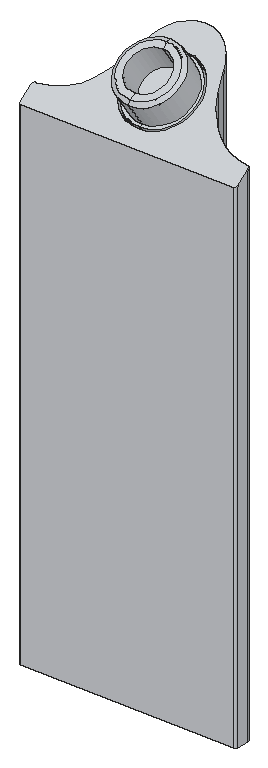
Revit family "Shower-Showerarm-KOHLER-Stance-K-99691", category Plumbing Fixtures, host Face, Revit 2015
Parameters (values of type "CP-Polished Chrome")
  Width = 3 1/16"  # constant formula
  Waste Water Outlet = "Waste Water Outlet"  # constant formula
  Waste Connection = 1 = 0  # no
  Vent Connection = 1 = 0  # no
  URL = "https://www.us.kohler.com/us/"
  Type = 1
  Product Page URL = "http://www.us.kohler.com/us/catalog/productDetails.jsp?productNumber=99691"
  Product Name = "Stance"  # constant formula
  Product Documentation Link = "http://www.us.kohler.com/onlinecatalog/pdf/K-99691_spec.pdf"
  Panel Thickness = 0"
  Model = if(Type = 1, "K-99691-CP", if(Type = 2, "K-99691-BN", "NA"))  # "K-99691-CP"
  Material = "Prmium Metal Constrction"  # constant formula
  MasterFormat 2004 = "22.41.23"  # constant formula
  MasterFormat 1995 = "15410"  # constant formula
  Manufacturer Address = "444 Highland Dr, Kohler, WI 53044"  # constant formula
  Manufacturer = "KOHLER Co."  # constant formula
  Length = 7 7/8"  # constant formula
  Tempered Water Inlet = "Tempered Water Inlet"  # constant formula
  Height = 1 3/8"  # constant formula
  HW Connection = 1 = 1  # yes
  Finish = Kohler-Metal-CP-Polished_Chrome
  Environmental Product Declaration = ""
  Drain Included = 1 = 0  # no
  Description = "Shower arm"  # constant formula
  Default Elevation = 0"  # constant formula
  Declare Label = ""
  Date Modified = "12/13/2018"  # constant formula
  Date Created = "12/13/2018"  # constant formula
  Copyright = "Copyright KOHLER Co."  # constant formula
  Contact Us = "https://www.us.kohler.com/us/static/contact.jsp"
  Cold Water Inlet = "Cold Water Inlet"  # constant formula
  CW Connection = 1 = 0  # no
  Assembly Code = "D2010700"
  ADA Compliant = 1 = 0  # no
Types (3): name | Type | Model | Finish
  (no name) | 1 | "K-99691-CP" | Kohler-Metal-CP-Polished_Chrome
  CP-Polished Chrome | 1 | "K-99691-CP" | Kohler-Metal-CP-Polished_Chrome
  BN-Vibrant Brushed Nicke | 2 | "K-99691-BN" | Kohler-Metal-BN-Vibrant_Brushed_Nickel
Reference planes (in)
  plane 1 "Center (Front/Back)": y = 0
  plane 2: z = 0
  plane 3 "Center (Left/Right)": x = 0
  plane 4: x = -1.53125
  plane 5: x = 1.53125
  plane 6: y = 0.6875
  plane 7: y = -0.6875
  plane 8: z = 7.875
Dimensions and locks (in)
  "Width": plane 4 to plane 5
  "Height": plane 6 to plane 7
  "Length": plane 8 to level
  aligned and locked: host face to plane 2
  aligned and locked: host face to level
Automatic sketch dimensions
  host sketch curve to host sketch curve = 96"  (x2)
Nested families (in)
  nested 1: "K-99691" at (0, 0, 0), type "K-99691"
Connectors (in)
  piping at (0, -0.3125, 0), diameter 0.5, driven by "HW Connection", driven by "HW Connection", driven by "Tempered Water Inlet"
    settings: on nested 1, index 1, connector inside diameter 24", connector length 0", flow factor 0, pipe flow 0 GPM, pressure drop 0.00 psi, fitting loss kfactor 0, connector angle 0.00°, fixture units 0, engagement length 0", angle of deflection 0.00°, flow configuration 1, flow direction 1, fitting loss method 4, system type 19, joint type 0, gender type 0, connector reference index -1, connector utility 1, adjustable connector yes, is connector primary yes, connector description "Tempered Water Inlet"
Definition of nested family "K-99691"
  Parameters (values of type "K-99691")
    Material = none
  Reference planes (in)
    plane 1 "Center (Front/Back)": y = 0
    plane 2: z = 0
    plane 3 "Center (Left/Right)": x = 0
    plane 4: y = 0.6875
    plane 5: y = -0.6875
    plane 6: y = -0.3125
    plane 7: z = 7.875
    plane 8: x = -1.53125
    plane 9: x = 1.53125
  Forms (in)
    Extrusion 1, solid, material <- "Material", detail levels medium+fine
      sketch origin (0, 0, 0) x (1, 0, 0) y (0, 1, 0)
        loop
          line (-1.5004, -0.6875) -> (1.5, -0.6875)
          arc (1.5, -0.6875) -> (1.5221, -0.67835) -> (1.53125, -0.65625) r 0.03125
          line (1.53125, -0.65625) -> (1.53125, -0.47451)
          arc (1.53125, -0.47451) -> (1.5208, -0.44791) -> (1.49504, -0.43555) r 0.03906
          arc (1.49504, -0.43555) -> (1.34263, -0.41588) -> (1.19333, -0.37951) r 1.39107
          arc (1.19333, -0.37951) -> (1.02058, -0.30512) -> (0.86878, -0.19406) r 0.83775
          arc (0.86878, -0.19406) -> (0.74668, -0.05878) -> (0.65152, 0.09664) r 0.98729
          arc (0.65152, 0.09664) -> (0.60016, 0.20725) -> (0.55378, 0.32003) r 2.7384
          arc (0.55378, 0.32003) -> (0.46116, 0.47751) -> (0.3228, 0.59681) r 0.56024
          arc (0.3228, 0.59681) -> (0.16765, 0.6644) -> (0, 0.6875) r 0.61982
          arc (0, 0.6875) -> (-0.16765, 0.6644) -> (-0.3228, 0.59681) r 0.61982
          arc (-0.3228, 0.59681) -> (-0.46116, 0.47751) -> (-0.55378, 0.32003) r 0.56024
          arc (-0.55378, 0.32003) -> (-0.60016, 0.20725) -> (-0.65152, 0.09664) r 2.7384
          arc (-0.65152, 0.09664) -> (-0.74668, -0.05878) -> (-0.86878, -0.19406) r 0.98729
          arc (-0.86878, -0.19406) -> (-1.02058, -0.30512) -> (-1.19333, -0.37951) r 0.83775
          arc (-1.19333, -0.37951) -> (-1.34309, -0.41596) -> (-1.49596, -0.43562) r 1.39107
          arc (-1.49596, -0.43562) -> (-1.52106, -0.44765) -> (-1.53125, -0.47356) r 0.03804
          line (-1.53125, -0.47356) -> (-1.53125, -0.65665)
          arc (-1.53125, -0.65665) -> (-1.52221, -0.67846) -> (-1.5004, -0.6875) r 0.03085
      from 0 to 8.34129
    Extrusion 2, void
      sketch origin (0, 0, 0) x (0, 1, 0) y (0, 0, 1)
        loop
          line (0.6875, 8.04425) -> (0.6875, 8.34129) -> (-0.6875, 8.34129) -> (-0.6875, 7.08146) -> (0.6875, 8.04425)
      from -1.85141 to 1.89368
    Revolve 3, solid, material <- "Material", detail levels medium+fine
      sketch origin (0, 0, 0) x (0, 1, 0) y (0, 0, 1)
        loop
          line (-0.3125, 7.875) -> (-0.01392, 7.44858) -> (0.39507, 7.73496) -> (0.34596, 7.8051) -> (0.30852, 7.77889) -> (0.08162, 8.10293) -> (0.01302, 8.10293) -> (-0.3125, 7.875)
        axis (-0.01392, 7.44858) -> (-0.3125, 7.875)
      angle from 0 to 360
    Revolve 4, void
      sketch origin (0, 0, 0) x (0, 1, 0) y (0, 0, 1)
        loop
          line (-0.3125, 7.875) -> (-0.06303, 7.51872) -> (0.18352, 7.69136) -> (-0.06595, 8.04764) -> (-0.3125, 7.875)
        axis (-0.06303, 7.51872) -> (-0.3125, 7.875)
      angle from 0 to 360
    Extrusion 5, solid, material <- "Material", detail levels coarse
      sketch origin (0, 0, 0) x (1, 0, 0) y (0, 1, 0)
        loop
          line (-0.86878, -0.19406) -> (-1.53125, -0.19406) -> (-1.53125, -0.6875) -> (1.53125, -0.6875) -> (1.53125, -0.19406) -> (0.86878, -0.19406) -> (0.35981, 0.6875) -> (-0.35981, 0.6875) -> (-0.86878, -0.19406)
      from 0 to 8.37479
    Extrusion 6, void
      sketch origin (0, 0, 0) x (0, 1, 0) y (0, 0, 1)
        loop
          line (0.6875, 8.04425) -> (0.6875, 8.37479) -> (-0.6875, 8.37479) -> (-0.6875, 7.08146) -> (0.6875, 8.04425)
      from -1.79904 to 1.83476
    Revolve 7, solid, material <- "Material", detail levels coarse
      sketch origin (0, 0, 0) x (0, 1, 0) y (0, 0, 1)
        loop
          line (-0.06303, 7.51872) -> (0.40591, 7.84708) -> (0.15644, 8.20336) -> (-0.3125, 7.875) -> (-0.06303, 7.51872)
        axis (-0.06303, 7.51872) -> (-0.3125, 7.875)
      angle from 0 to 360
    Extrusion 8, solid, material <- "Material", detail levels medium+fine
      sketch origin (0, 0, 0) x (1, 0, 0) y (0, 1, 0)
        loop
          circle (0, -0.3125) r 0.25
      from 0 to 0.32603
    Extrusion 9, void
      sketch origin (0, -3.55338, 5.07475) x (0, 0.819152, 0.573576) y (-1, 0, 0)
        loop
          circle (4.26093, 0) r 0.45358
        loop
          circle (4.26093, 0) r 0.52678
      from -0.08562 to 1.5653
  Cuts and joins
    Extrusion 2, Extrusion 9 cuts Extrusion 1
    Revolve 4 cuts Revolve 3
    joined: Extrusion 1, Revolve 3
    Extrusion 6 cuts Extrusion 5
    joined: Extrusion 5, Revolve 7
  Lines and regions (in)
    Masking region 1
      outline origin (0, 0, 0) x (1, 0, 0) y (0, 0, 1)
        loop
          arc (1.53125, 7.22545) -> (1.52074, 7.25035) -> (1.49557, 7.26018) r 0.03474
          arc (1.49557, 7.26018) -> (1.29058, 7.27341) -> (1.09143, 7.32376) r 1.12276
          arc (1.09143, 7.32376) -> (0.8898, 7.42067) -> (0.71384, 7.55882) r 1.03037
          arc (0.71384, 7.55882) -> (0.63203, 7.65477) -> (0.56881, 7.76387) r 0.6983
          arc (0.56881, 7.76387) -> (0.53388, 7.82333) -> (0.48821, 7.875) r 0.35852
          arc (0.48821, 7.875) -> (0.46065, 7.89903) -> (0.43154, 7.92116) r 0.54436
          arc (0.43154, 7.92116) -> (0.40106, 7.96943) -> (0.35704, 8.00577) r 0.18061
          arc (0.35704, 8.00577) -> (0.18501, 8.07821) -> (0, 8.10293) r 0.70455
          arc (0, 8.10293) -> (-0.18501, 8.07821) -> (-0.35704, 8.00577) r 0.70455
          arc (-0.35704, 8.00577) -> (-0.40106, 7.96943) -> (-0.43154, 7.92116) r 0.18061
          arc (-0.43154, 7.92116) -> (-0.46065, 7.89903) -> (-0.48821, 7.875) r 0.54436
          arc (-0.48821, 7.875) -> (-0.53388, 7.82333) -> (-0.56881, 7.76387) r 0.35852
          arc (-0.56881, 7.76387) -> (-0.63203, 7.65477) -> (-0.71384, 7.55882) r 0.6983
          arc (-0.71384, 7.55882) -> (-0.8898, 7.42067) -> (-1.09143, 7.32376) r 1.03037
          arc (-1.09143, 7.32376) -> (-1.29058, 7.27341) -> (-1.49557, 7.26018) r 1.12276
          arc (-1.49557, 7.26018) -> (-1.52074, 7.25035) -> (-1.53125, 7.22545) r 0.03474
          line (-1.53125, 7.22545) -> (-1.53125, 0) -> (1.53125, 0) -> (1.53125, 7.22545)
    Masking region 2
      outline origin (0, 0, 0) x (0, 1, 0) y (0, 0, 1)
        loop
          arc (-0.6875, 0.02684) -> (-0.67964, 0.00786) -> (-0.66066, 0) r 0.02684
          line (-0.66066, 0) -> (0.65903, 0)
          arc (0.65903, 0) -> (0.67916, 0.00834) -> (0.6875, 0.02847) r 0.02847
          line (0.6875, 0.02847) -> (0.6875, 8.01242)
          arc (0.6875, 8.01242) -> (0.67858, 8.02711) -> (0.66142, 8.02599) r 0.01657
          line (0.66142, 8.02599) -> (0.30852, 7.77889) -> (0.08162, 8.10293) -> (0.01302, 8.10293) -> (-0.63802, 7.64707) -> (-0.66148, 7.5826) -> (-0.43458, 7.25856) -> (-0.67234, 7.09208)
          arc (-0.67234, 7.09208) -> (-0.68348, 7.07937) -> (-0.6875, 7.06296) r 0.03554
          line (-0.6875, 7.06296) -> (-0.6875, 0.02684)
    Masking region 3
      outline origin (0, 0, 0) x (1, 0, 0) y (0, 1, 0)
        loop
          line (-1.5004, -0.6875) -> (1.5, -0.6875)
          arc (1.5, -0.6875) -> (1.5221, -0.67835) -> (1.53125, -0.65625) r 0.03125
          line (1.53125, -0.65625) -> (1.53125, -0.47451)
          arc (1.53125, -0.47451) -> (1.5208, -0.44791) -> (1.49504, -0.43555) r 0.03906
          arc (1.49504, -0.43555) -> (1.34263, -0.41588) -> (1.19333, -0.37951) r 1.39107
          arc (1.19333, -0.37951) -> (1.02058, -0.30512) -> (0.86878, -0.19406) r 0.83775
          arc (0.86878, -0.19406) -> (0.74668, -0.05878) -> (0.65152, 0.09664) r 0.98729
          arc (0.65152, 0.09664) -> (0.60016, 0.20725) -> (0.55378, 0.32003) r 2.7384
          arc (0.55378, 0.32003) -> (0.46116, 0.47751) -> (0.3228, 0.59681) r 0.56024
          arc (0.3228, 0.59681) -> (0.16765, 0.6644) -> (0, 0.6875) r 0.61982
          arc (0, 0.6875) -> (-0.16765, 0.6644) -> (-0.3228, 0.59681) r 0.61982
          arc (-0.3228, 0.59681) -> (-0.46116, 0.47751) -> (-0.55378, 0.32003) r 0.56024
          arc (-0.55378, 0.32003) -> (-0.60016, 0.20725) -> (-0.65152, 0.09664) r 2.7384
          arc (-0.65152, 0.09664) -> (-0.74668, -0.05878) -> (-0.86878, -0.19406) r 0.98729
          arc (-0.86878, -0.19406) -> (-1.02058, -0.30512) -> (-1.19333, -0.37951) r 0.83775
          arc (-1.19333, -0.37951) -> (-1.34309, -0.41596) -> (-1.49596, -0.43562) r 1.39107
          arc (-1.49596, -0.43562) -> (-1.52106, -0.44765) -> (-1.53125, -0.47356) r 0.03804
          line (-1.53125, -0.47356) -> (-1.53125, -0.65665)
          arc (-1.53125, -0.65665) -> (-1.52221, -0.67846) -> (-1.5004, -0.6875) r 0.03085
    symbolic lines, detail levels medium+fine
      curve 1: arc (0.43154, 0, 7.92116) -> (0, 0, 8.0443) -> (-0.43154, 0, 7.92116) r 0.81776
      curve 2: line (0.55378, 0, 7.78695) -> (0.55378, 0, 0)
      curve 3: line (-0.55378, 0, 7.78695) -> (-0.55378, 0, 0)
      curve 4: line (0, 0.08162, 8.10293) -> (0, -0.66148, 7.5826)
      curve 5: line (0, 0.30852, 7.77889) -> (0, -0.47353, 7.23129)
      curve 6: line (0, -0.47353, 7.23129) -> (0, -0.47353, 0.00004)
      curve 7: spline (0, -0.66148, 0) -> (-0.1174, -0.64882, 0) -> (-0.22679, -0.61171, 0) -> (-0.32073, -0.55266, 0) -> (-0.39281, -0.47571, 0) -> (-0.43813, -0.3861, 0) -> (-0.45358, -0.28993, 0) -> (-0.43813, -0.19377, 0) -> (-0.39281, -0.10415, 0) -> (-0.32073, -0.0272, 0) -> (-0.22679, 0.03184, 0) -> (-0.1174, 0.06896, 0) -> (0, 0.08162, 0)
      curve 8: spline (0, 0.08162, 0) -> (0.1174, 0.06896, 0) -> (0.22679, 0.03184, 0) -> (0.32073, -0.0272, 0) -> (0.39281, -0.10415, 0) -> (0.43813, -0.19377, 0) -> (0.45358, -0.28993, 0) -> (0.43813, -0.3861, 0) -> (0.39281, -0.47571, 0) -> (0.32073, -0.55266, 0) -> (0.22679, -0.61171, 0) -> (0.1174, -0.64882, 0) -> (0, -0.66148, 0)
      curve 9: spline (0, 0.01302, 0) -> (0.10285, 0.00193, 0) -> (0.19869, -0.03059, 0) -> (0.281, -0.08232, 0) -> (0.34415, -0.14974, 0) -> (0.38385, -0.22825, 0) -> (0.39739, -0.3125, 0) -> (0.38385, -0.39675, 0) -> (0.34415, -0.47526, 0) -> (0.281, -0.54268, 0) -> (0.19869, -0.59441, 0) -> (0.10285, -0.62693, 0) -> (0, -0.63802, 0)
      curve 10: spline (0, -0.63802, 0) -> (-0.10285, -0.62693, 0) -> (-0.19869, -0.59441, 0) -> (-0.281, -0.54268, 0) -> (-0.34415, -0.47526, 0) -> (-0.38385, -0.39675, 0) -> (-0.39739, -0.3125, 0) -> (-0.38385, -0.22825, 0) -> (-0.34415, -0.14974, 0) -> (-0.281, -0.08232, 0) -> (-0.19869, -0.03059, 0) -> (-0.10285, 0.00193, 0) -> (0, 0.01302, 0)
      curve 11: spline (0, -0.55905, 0) -> (-0.0779, -0.55065, 0) -> (-0.15049, -0.52602, 0) -> (-0.21283, -0.48684, 0) -> (-0.26066, -0.43578, 0) -> (-0.29073, -0.37631, 0) -> (-0.30099, -0.3125, 0) -> (-0.29073, -0.24869, 0) -> (-0.26066, -0.18922, 0) -> (-0.21283, -0.13816, 0) -> (-0.15049, -0.09898, 0) -> (-0.0779, -0.07435, 0) -> (0, -0.06595, 0)
      curve 12: spline (0, -0.06595, 0) -> (0.0779, -0.07435, 0) -> (0.15049, -0.09898, 0) -> (0.21283, -0.13816, 0) -> (0.26066, -0.18922, 0) -> (0.29073, -0.24869, 0) -> (0.30099, -0.3125, 0) -> (0.29073, -0.37631, 0) -> (0.26066, -0.43578, 0) -> (0.21283, -0.48684, 0) -> (0.15049, -0.52602, 0) -> (0.0779, -0.55065, 0) -> (0, -0.55905, 0)
      curve 13: spline (-0.25963, -0.18777, 0) -> (-0.22946, -0.22259, 0) -> (-0.19242, -0.25262, 0) -> (-0.1496, -0.27697, 0) -> (-0.1023, -0.29491, 0) -> (-0.05193, -0.30589, 0) -> (0, -0.30959, 0) -> (0.05193, -0.30589, 0) -> (0.1023, -0.29491, 0) -> (0.1496, -0.27697, 0) -> (0.19242, -0.25262, 0) -> (0.22946, -0.22259, 0) -> (0.25963, -0.18777, 0)
      curve 14: line (-0.45358, -0.28993, 0) -> (-0.45358, -0.04833, 0)
      curve 15: line (0.45358, -0.28993, 0) -> (0.45358, -0.04833, 0)
      curve 16: arc (-0.28176, 0.23122, 0) -> (-0.14608, 0.28885, 0) -> (0, 0.30852, 0) r 0.55214
      curve 17: arc (-0.40448, 0.10304, 0) -> (-0.35188, 0.17551, 0) -> (-0.28176, 0.23122, 0) r 0.33074
      curve 18: arc (-0.45358, -0.04833, 0) -> (-0.4358, 0.02955, 0) -> (-0.40448, 0.10304, 0) r 0.44836
      curve 19: arc (0.28176, 0.23122, 0) -> (0.14608, 0.28885, 0) -> (0, 0.30852, 0) r 0.55214
      curve 20: arc (0.40448, 0.10304, 0) -> (0.35188, 0.17551, 0) -> (0.28176, 0.23122, 0) r 0.33074
      curve 21: arc (0.45358, -0.04833, 0) -> (0.4358, 0.02955, 0) -> (0.40448, 0.10304, 0) r 0.44836
  Dimensions and locks (in)
    locked: plane 4 to plane 6 at 1
    locked: plane 4 to plane 5 at 1.375
    locked: plane 7 to level at 7.875
    locked: plane 8 to plane 9 at 3.0625
    aligned and locked: plane 2 to level
